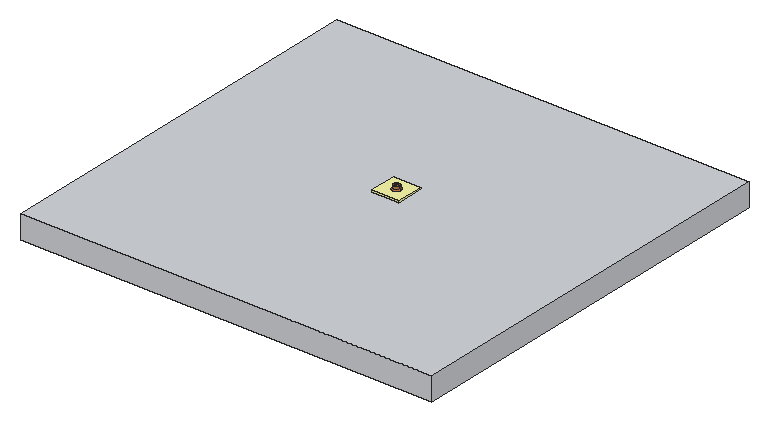
Revit family "ES_Key Switch", category Lighting Devices, host Face, Revit 2013
Parameters (values of type "1 Gang")
  Switch Voltage = 230 V
  Load Classification = Other
  Label = ""
  Default Elevation = 1200 mm
  Assembly Code = ""
  Apparent Load = 0 VA
Reference planes
  plane 1 "Center (Front/Back)": y = 0
  plane 2: z = 0
  plane 3 "Center (Left/Right)": x = 0
  plane 4 "level above": z = 4.762
  plane 5 "level below": z = -53.975
  plane 6: x = -43
  plane 7: x = 43
  plane 8: y = 43
  plane 9: y = -43
  plane 10: y = 32
  plane 11: y = -32
  plane 12: x = -32
  plane 13: x = 32
Forms (mm)
  Extrusion 1, solid
    sketch origin (0, 0, 0) x (1, 0, 0) y (0, 1, 0)
      loop
        line (-644.525, 571.5) -> (-644.525, -666.75) -> (644.525, -666.75) -> (644.525, 571.5) -> (-644.525, 571.5)
    from 0 to -72.672
  Extrusion 2, solid, material "Face Plate"
    sketch origin (0, 0, 0) x (1, 0, 0) y (0, 1, 0)
      loop
        line (-43, 43) -> (-43, -43) -> (43, -43) -> (43, 43) -> (-43, 43)
    from 0 to 4.762
  Extrusion 3, solid
    sketch origin (0, 0, 0) x (1, 0, 0) y (0, 1, 0)
      loop
        line (-32, 32) -> (-32, -32) -> (32, -32) -> (32, 32) -> (-32, 32)
    from 0 to -53.975
  Extrusion 4, solid, material "Light Body"
    sketch origin (0, 0, 4.762) x (-1, 0, 0) y (0, -1, 0)
      loop
        circle (0, 0.013) r 10
    from 5 to 10
  Revolve 5, void
    sketch origin (0, 0, 0) x (1, 0, 0) y (0, 0, 1)
      loop
        arc (-8.964, 14.762) -> (-8.446, 14.244) -> (-7.927, 14.762) r 0.518
        line (-7.927, 14.762) -> (-8.964, 14.762)
      axis (0, 14.762) -> (0, 13.762)
    angle from 0 to 360
  Blend 6, solid, material "Light Body"
    base sketch origin (0, 0, 4.762) x (-1, 0, 0) y (0, -1, 0)
      loop
        circle (0, 0.013) r 13
    top sketch origin (0, 0, 4.762) x (-1, 0, 0) y (0, -1, 0)
      loop
        circle (0, 0.013) r 10
    from 0 to 5
  Extrusion 7, void
    sketch origin (0, 0, 4.762) x (-1, 0, 0) y (0, -1, 0)
      loop
        arc (0.5, -1.952) -> (2.015, 0) -> (0.5, 1.952) r 2.015
        line (0.5, 1.952) -> (0.5, 5.972) -> (-0.5, 5.972) -> (-0.5, 1.952)
        arc (-0.5, 1.952) -> (-1.952, -0.5) -> (0.5, -1.952) r 2.015
    from 5 to 11
Cuts and joins
  Revolve 5, Extrusion 7 cuts Extrusion 4
  Extrusion 7 cuts Blend 6
Lines and regions (mm)
  symbolic lines, detail levels fine
    curve 1: line (34.925, 0, 0) -> (-35.285, 0, 0)
    curve 2: line (34.925, 0, 4.762) -> (34.925, 0, 0)
    curve 3: line (-35.285, 0, 4.762) -> (34.925, 0, 4.762)
    curve 4: line (-35.285, 0, 0) -> (-35.285, 0, 4.762)
    curve 5: line (19.05, 0, -53.975) -> (-19.41, 0, -53.975)
    curve 6: line (19.05, 0, 0) -> (19.05, 0, -53.975)
    curve 7: line (-19.41, 0, -53.975) -> (-19.41, 0, 0)
Dimensions and locks
  locked: plane 4 "level above" to level at 4.763
  locked: level to plane 5 "level below" at 53.975
  plane 6 to plane 3 "Center (Left/Right)" to plane 7 = 43 mm, 43 mm
  plane 6 to plane 7 = 86 mm
  plane 1 "Center (Front/Back)" to plane 9 = 43 mm
  plane 1 "Center (Front/Back)" to plane 8 = 43 mm
  plane 12 to plane 3 "Center (Left/Right)" to plane 13 = 32 mm, 32 mm
  plane 10 to plane 1 "Center (Front/Back)" to plane 11 = 32 mm, 32 mm
  plane 12 to plane 13 = 64 mm
  plane 10 to plane 11 = 64 mm
  aligned and locked: plane 2 to Extrusion 1
  aligned and locked: level to Extrusion 1
  aligned and locked: Extrusion 2 to level
  aligned and locked: plane 4 "level above" to Extrusion 2
  aligned and locked: Extrusion 3 to level
  aligned and locked: Extrusion 3 to plane 5 "level below"
Nested families
  nested 1: "SW_Key" at (0, 0, 0), type "SW_Key"
Connectors
  electrical at (0, 0, 0)
    settings: on Extrusion 2, index 1, voltage 0 V, apparent load 0 VA, apparent load phase1 0 VA, apparent load phase2 0 VA, apparent load phase3 0 VA, power factor 1, load classification "Other", number of poles 1, system type 31, power factor state 1, is connector primary yes, connector utility no, sub classification motor no, connector description ""
Definition of nested family "SW_Key"
  Reference planes
    plane 1: y = 0
    plane 2: x = 0
  Lines and regions (mm)
    Filled region 1, type "Filled region 1"
      outline origin (0, 0, 0) x (1, 0, 0) y (0, 1, 0)
        loop
          circle (0, 0.837) r 0.85
    detail lines, style "Switch Symbols"
      curve 1: line (0, 0.837, 0) -> (3.157, 3.994, 0)
  Text (mm)
    text "K" at (-0.088, 3.445, 0)
